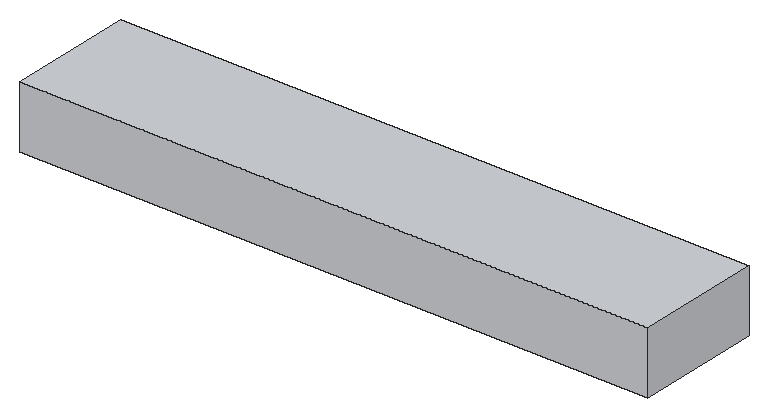
Revit family "電線管用ファミリ(片側のみ)_26", category Electrical Fixtures, Revit 2022
Family settings
  Round Connector Dimension = Use Diameter
  Part Type = Normal
  OmniClass Number = 23.80.00.00
  OmniClass Title = Electric Power and Lighting
  Work Plane-Based = No
  Always vertical = Yes
  Cut with Voids When Loaded = No
  Maintain Annotation Orientation = No
  Shared = No
  Room Calculation Point = No
Parameters
  コネクタ直径 [instance] = 16 mm
  W [instance] = 500 mm
  Default Elevation = 0 mm
  D [instance] = 100 mm
Reference planes
  plane 1 "Center (Front/Back)": y = 0
  plane 2: z = 0
  plane 3 "Center (Left/Right)": x = 0
  plane 4: x = -250
  plane 5: x = 250
  plane 6: y = 50
  plane 7: y = -50
  plane 8: z = 50
Forms (mm)
  Extrusion 1, solid
    sketch origin (0, 0, 0) x (1, 0, 0) y (0, 1, 0)
      loop
        line (-250, 50) -> (-250, -50) -> (250, -50) -> (250, 50) -> (-250, 50)
    from 0 to 50
Dimensions and locks
  equal spacing: plane 4, plane 3 "Center (Left/Right)", plane 5
  "W": plane 4 to plane 5
  equal spacing: plane 6, plane 1 "Center (Front/Back)", plane 7
  "D": plane 6 to plane 7
  aligned and locked: level to plane 2
  aligned and locked: plane 8 to Extrusion 1
Automatic sketch dimensions
  Extrusion 1 sketch curve to plane 4 = 0 mm
  Extrusion 1 sketch curve to plane 5 = 0 mm
  Extrusion 1 sketch curve to plane 7 = 0 mm
  Extrusion 1 sketch curve to plane 6 = 0 mm
Connectors
  cabletrayconduit at (0, 0, 50), diameter 16
    settings: on Extrusion 1, index 1, connector width 300 mm, connector height 300 mm, connector angle 0.00°, system type 32, placement type 0, profile type 0, connector reference index -1, is primary connector yes, connector utility param no, connector description ""
